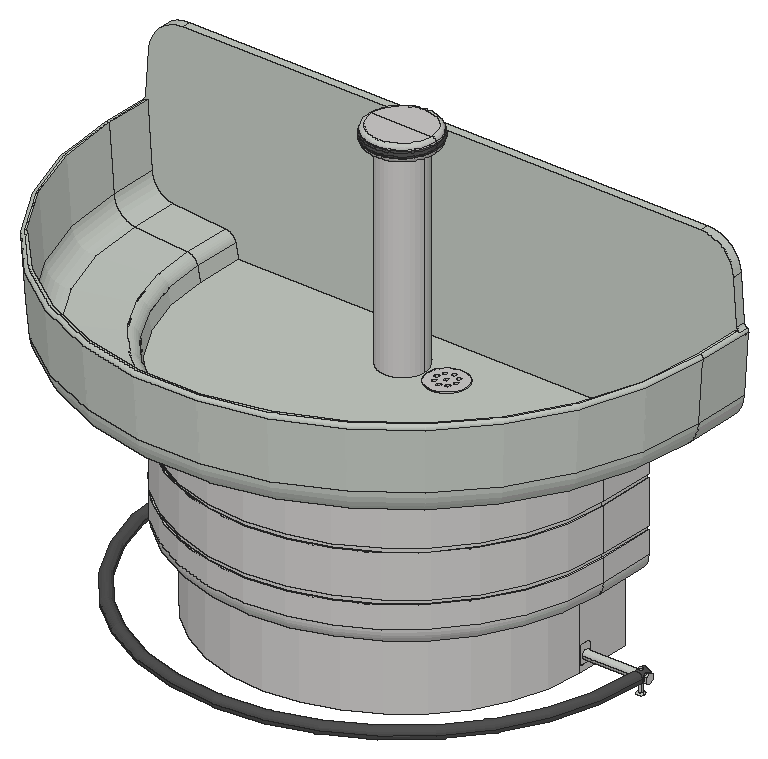
Revit family "Washfountain_Lavatory-Bradley_Corp-WF2504-Type_O_Drain", category Plumbing Fixtures, Revit 2012
Parameters (values of type "Standard")
  Width = 54.000"
  Warranty Information = "Terreon® material warranted for ten years. All other components warranted for one year. This warranty does not cover installation or any other labor charges and does not apply to any units, which have been damaged by accident, abuse, improper installation, improper maintenance, or altered in any way."
  WFU = 0
  Voltage = 110 V
  Version = "2.0"
  URL = "http://www.bradleycorp.com/"
  Towel Dispenser Holder [instance] = if(and(Soap Dispenser, Sensor Module), 4.750", if(and(No Soap Dispenser, Sensor Module), 13.250", if(and(Soap Dispenser, No Sensor Module), 4.750", 13.250")))  # 13.250"
  Towel Dispenser Height [instance] = if(and(Soap Dispenser, Sensor Module, Model ID = 2), 55.500", if(and(No Soap Dispenser, Sensor Module, Model ID = 2), 55.500", if(and(Soap Dispenser, No Sensor Module, Model ID = 2), 52.000", if(and(No Soap Dispenser, No Sensor Module, Model ID = 2), 52.000", if(and(Soap Dispenser, Sensor Module, Model ID = 1), 51.500", if(and(No Soap Dispenser, Sensor Module, Model ID = 1), 51.500", if(and(Soap Dispenser, No Sensor Module, Model ID = 1), 48.000", 48.000")))))))  # 52.000"
  TouchTime® Control [instance] = no
  Technical Data = "n/a"
  Standard Height = Model ID = 2  # yes
  Spray Head Height = 38.750"
  Specifications URL = "http://www.bradleycorp.com/3partspec"
  Soap Dispenser Holder [instance] = 2.500"  # constant formula
  Soap Dispenser Height [instance] = if(and(No Sensor Module, Model ID = 2), 47.250", if(and(Sensor Module, Model ID = 2), 50.750", if(and(No Sensor Module, Model ID = 1), 43.250", 46.750")))  # 47.250"
  Sensor Module Height = 42.250"
  Sensor Module [instance] = or(not(Foot Control Valve), TouchTime® Control, Air Valve Hand Control, Adaptive Infrared Activation Control)  # no
  Rim Height = 29.500"
  Supply Height [instance] = if(and(Sensor Module, Soap Dispenser, Towel Dispenser, Model ID = 2), 71.813", if(and(Sensor Module, Soap Dispenser, No Towel Dispenser, Model ID = 2), 50.750", if(and(Sensor Module, No Soap Dispenser, No Towel Dispenser, Model ID = 2), 42.250", if(and(Sensor Module, No Soap Dispenser, Towel Dispenser, Model ID = 2), 71.813", if(and(No Sensor Module, No Soap Dispenser, No Towel Dispenser, Model ID = 2), 38.750", if(and(No Sensor Module, No Soap Dispenser, Towel Dispenser, Model ID = 2), 68.313", if(and(No Sensor Module, Soap Dispenser, Towel Dispenser, Model ID = 2), 68.313", if(and(No Sensor Module, Soap Dispenser, No Towel Dispenser, Model ID = 2), 47.250", if(and(Sensor Module, Soap Dispenser, Towel Dispenser, Model ID = 1), 67.813", if(and(Sensor Module, Soap Dispenser, No Towel Dispenser, Model ID = 1), 46.750", if(and(Sensor Module, No Soap Dispenser, No Towel Dispenser, Model ID = 1), 38.250", if(and(Sensor Module, No Soap Dispenser, Towel Dispenser, Model ID = 1), 67.813", if(and(No Sensor Module, No Soap Dispenser, No Towel Dispenser, Model ID = 1), 34.750", if(and(No Sensor Module, No Soap Dispenser, Towel Dispenser, Model ID = 1), 64.313", if(and(No Sensor Module, Soap Dispenser, Towel Dispenser, Model ID = 1), 64.313", 43.250")))))))))))))))  # 38.750"
  Product Tech Data URL - Spanish = ""
  Product Tech Data URL - French = ""
  Product Tech Data URL - English = "http://bradleycorp.com/download/1840/2013.pdf"
  Pedestal Material = Stainless Steel - Bradley Corp - Satin
  Pedestal Height = 19.000"
  Operating Water Pressure Range = "20 - 80 PSI"
  OmniClass Table 23 Title = "Sinks/Lavatories"
  OmniClass Table 23 Number = "23-31 13 00"
  OmniClass Table 21 Title = "Plumbing Fixtures"
  OmniClass Table 21 Number = "21-04 20 10 60"
  No Towel Dispenser [instance] = not(Towel Dispenser)  # yes
  No Soap Dispenser [instance] = not(Soap Dispenser)  # yes
  No Sensor Module [instance] = not(Sensor Module)  # yes
  Modeling Code = ""
  Model ID = 2
  Model = "WF2504"
  Material Note = "Other Terreon® colors available - See www.bradleycorp.com "
  MasterFormat Title = "Commercial Lavatories and Sinks"
  MasterFormat Number = "22 42 16"
  Manufacturer = "Bradley Corp"
  Juvenile Height = Model ID = 1  # no
  Industry Standards = "ANSI Z124.3, Z124.6 and ANSI/ICPA SS-1-2001"
  Hot Lavatory Inlet Primary Radius = Hot Lavatory Inlet Primary / 2  # 1/4"
  Hot Lavatory Inlet Primary = 1/2"
  HWFU = 0
  Frequency = 50 Hz
  Foot Control Valve [instance] = not(or(TouchTime® Control, Air Valve Hand Control, Adaptive Infrared Activation Control))  # yes
  Flow Type = 3.0 GPM
  Fire Rating = "n/a"
  Drain Secondary = 2"
  Drain Secondary Radius = Drain Secondary / 2  # 1"
  Drain Primary Radius = Drain Primary / 2  # 1"
  Drain Primary = 2"
  Description = "Washfountain, 54\" Semi Circular with 9\" Deep Bowl"
  Copyright = "This Model Data is Property of Bradley Corporation"
  Cold Lavatory Inlet Primary Radius = Cold Lavatory Inlet Primary / 2  # 1/4"
  Cold Lavatory Inlet Primary = 1/2"
  CWFU = 0
  Buy American Act = "No"
  Button Visibility [instance] = or(TouchTime® Control, Air Valve Hand Control)  # no
  Bowl Material [instance] = Stone - Bradley Corp - Empire Gray
  Assembly Code = "D2010300"
  Air Valve Hand Control [instance] = no
  Adaptive Infrared Activation Control [instance] = no
  ADA Compliant = "Yes"
  Soap Dispenser [instance] = no
  Towel Dispenser [instance] = no
Reference planes (in)
  plane 1 "Center (Front/Back)": y = 0
  plane 2: z = 0
  plane 3 "Center (Left/Right)": x = 0
  plane 4 "Left": x = -27
  plane 5 "Right": x = 27
  plane 6 "Towel Dispenser": z = 52
  plane 7 "Soap Dispenser": z = 47.25
  plane 8 "Sensor Module": z = 42.25
  plane 9 "Spray Head": z = 38.75
  plane 10 "Rim Height": z = 29.5
  plane 11 "Pedestal Height": z = 19
  plane 12: z = 41.25
  plane 13: y = -32.2274
Forms (in)
  Sweep 1, solid, material "Stone - Bradley Corp - Empire Gray" <- "Bowl Material"
    path in 3D
      loop
        line (26.97649, 0, 29.5) -> (26.97649, -5.09016, 29.5)
        arc (26.97649, -5.09016, 29.5) -> (0, -32.06665, 29.5) -> (-26.97649, -5.09016, 29.5) r 26.97649
        line (-26.97649, -5.09016, 29.5) -> (-26.97649, 0, 29.5)
    profile origin (-26.97649, -2.54508, 29.5) x (-1, 0, 0) y (0, 0, 1)
      loop
        line (-0.36849, -5.60574) -> (0.00015, -0.33398)
        arc (0.00015, -0.33398) -> (-0.08011, -0.10234) -> (-0.30288, 0) r 0.31231
        line (-0.30288, 0) -> (-0.47772, 0) -> (-0.86727, -5.57086)
        arc (-0.86727, -5.57086) -> (-1.46619, -6.9067) -> (-2.78695, -7.53818) r 2.125
        line (-2.78695, -7.53818) -> (-7.52625, -7.93634)
        arc (-7.52625, -7.93634) -> (-8.11685, -8.19439) -> (-8.42734, -8.75918) r 1
        line (-8.42734, -8.75918) -> (-8.64604, -9.99947) -> (-24.97649, -9.99947) -> (-24.97649, -10.5) -> (-8.64604, -10.5)
        arc (-8.64604, -10.5) -> (-8.32099, -10.37992) -> (-8.15206, -10.07737) r 0.5
        line (-8.15206, -10.07737) -> (-7.93494, -8.846)
        arc (-7.93494, -8.846) -> (-7.77969, -8.56361) -> (-7.48439, -8.43458) r 0.5
        line (-7.48439, -8.43458) -> (-2.74261, -8.03622)
        arc (-2.74261, -8.03622) -> (-1.1093, -7.25688) -> (-0.36849, -5.60574) r 2.625
  Sweep 2, solid, material "Stone - Bradley Corp - Empire Gray" <- "Bowl Material", detail levels coarse
    path in 3D
      loop
        line (26.97649, 0, 29.5) -> (26.97649, -5.09016, 29.5)
        arc (26.97649, -5.09016, 29.5) -> (0, -32.06665, 29.5) -> (-26.97649, -5.09016, 29.5) r 26.97649
        line (-26.97649, -5.09016, 29.5) -> (-26.97649, 0, 29.5)
    profile origin (-26.97649, -2.54508, 29.5) x (-1, 0, 0) y (0, 0, 1)
      loop
        line (-0.52542, -7.84995) -> (0.0235, 0) -> (-0.47772, 0) -> (-0.99431, -7.38758) -> (-8.29362, -8.00081) -> (-8.64604, -9.99947) -> (-24.97641, -9.99947) -> (-24.97641, -10.5) -> (-8.22658, -10.5) -> (-7.86808, -8.46682) -> (-0.52542, -7.84995)
  Sweep 3, solid, material "Stainless Steel - Bradley Corp - Satin" <- "Pedestal Material", visible <- "Standard Height", detail levels medium+fine
    path in 3D
      loop
        line (-18.00049, 0, 19) -> (-18.00049, -5.09016, 19)
        arc (-18.00049, -5.09016, 19) -> (0, -23.09065, 19) -> (18.00049, -5.09016, 19) r 18.00049
        line (18.00049, -5.09016, 19) -> (18.00049, 0, 19)
    profile origin (-18.00049, -2.54508, 19) x (1, 0, 0) y (0, 0, 1)
      loop
        line (0.00049, -4.376) -> (0.12942, -4.376) -> (0.12942, -4.751) -> (0.00454, -4.751) -> (0.00454, -8.56354) -> (0.12942, -8.56354) -> (0.12942, -8.9385) -> (0.0005, -8.9385) -> (0.0005, -10.96713)
        arc (0.0005, -10.96713) -> (0.44863, -12.04901) -> (1.53051, -12.49714) r 1.53001
        line (1.53051, -12.49714) -> (2.14799, -12.49714) -> (2.14799, -19) -> (2.64799, -19) -> (2.64799, -11.99714) -> (1.53051, -11.99714)
        arc (1.53051, -11.99714) -> (0.80218, -11.69546) -> (0.5005, -10.96713) r 1.03001
        line (0.5005, -10.96713) -> (0.5005, -8.9385) -> (0.62942, -8.9385) -> (0.62942, -8.56354) -> (0.50454, -8.56354) -> (0.50454, -4.751) -> (0.62942, -4.751) -> (0.62942, -4.376) -> (0.50049, -4.376) -> (0.50049, 0) -> (0.00049, 0) -> (0.00049, -4.376)
  Sweep 4, solid, material "Stainless Steel - Bradley Corp - Satin" <- "Pedestal Material", visible <- "Standard Height", detail levels coarse
    path in 3D
      loop
        line (-18.00049, 0, 19) -> (-18.00049, -5.09016, 19)
        arc (-18.00049, -5.09016, 19) -> (0, -23.09065, 19) -> (18.00049, -5.09016, 19) r 18.00049
        line (18.00049, -5.09016, 19) -> (18.00049, 0, 19)
    profile origin (-18.00049, -2.54508, 19) x (1, 0, 0) y (0, 0, 1)
      loop
        line (0, 0) -> (0, -12.49714) -> (2.14799, -12.49714) -> (2.14799, -19) -> (2.64799, -19) -> (2.64799, -11.99714) -> (0.50454, -11.99714) -> (0.50454, 0) -> (0, 0)
  Sweep 5, solid, material "Stainless Steel - Bradley Corp - Satin" <- "Pedestal Material", visible <- "Juvenile Height", detail levels medium+fine
    path in 3D
      loop
        line (-18.00049, 0, 19) -> (-18.00049, -5.09016, 19)
        arc (-18.00049, -5.09016, 19) -> (0, -23.09065, 19) -> (18.00049, -5.09016, 19) r 18.00049
        line (18.00049, -5.09016, 19) -> (18.00049, 0, 19)
    profile origin (-18.00049, -2.54508, 19) x (1, 0, 0) y (0, 0, 1)
      loop
        line (0, -3.44859) -> (0.1016, -3.44859) -> (0.1016, -3.74411) -> (0.0032, -3.74411) -> (0.0032, -6.74866) -> (0.1016, -6.74866) -> (0.1016, -7.04415) -> (0.00001, -7.04415) -> (0.00001, -8.20062)
        arc (0.00001, -8.20062) -> (0.48269, -9.36592) -> (1.64799, -9.8486) r 1.64798
        line (1.64799, -9.8486) -> (2.14799, -9.8486) -> (2.14799, -15) -> (2.54202, -15) -> (2.54202, -9.45457) -> (1.64799, -9.45457)
        arc (1.64799, -9.45457) -> (0.76131, -9.08729) -> (0.39404, -8.20062) r 1.25395
        line (0.39404, -8.20062) -> (0.39404, -7.04415) -> (0.49564, -7.04415) -> (0.49564, -6.74866) -> (0.39723, -6.74866) -> (0.39723, -3.74411) -> (0.49564, -3.74411) -> (0.49564, -3.44859) -> (0.39403, -3.44859) -> (0.39403, 0) -> (0, 0) -> (0, -3.44859)
  Sweep 6, solid, material "Stainless Steel - Bradley Corp - Satin" <- "Pedestal Material", visible <- "Juvenile Height", detail levels coarse
    path in 3D
      loop
        line (-18.00049, 0, 19) -> (-18.00049, -5.09016, 19)
        arc (-18.00049, -5.09016, 19) -> (0, -23.09065, 19) -> (18.00049, -5.09016, 19) r 18.00049
        line (18.00049, -5.09016, 19) -> (18.00049, 0, 19)
    profile origin (-18.00049, -2.54508, 19) x (1, 0, 0) y (0, 0, 1)
      loop
        line (0, -9.8486) -> (2.14799, -9.8486) -> (2.14799, -15) -> (2.64799, -15) -> (2.64799, -9.3486) -> (0.5, -9.3486) -> (0.5, 0) -> (0, 0) -> (0, -9.8486)
  Revolve 7, solid, material "Stainless Steel - Bradley Corp - Polished", visible <- "Soap Dispenser", detail levels fine
    sketch origin (-3, -5.25, 47.25) x (1, 0, 0) y (0, 0, 1)
      loop
        line (-2.88598, -5.36403) -> (-2.85471, -5.36403) -> (-2.85471, -6) -> (3, -6) -> (3, 0) -> (-0.11538, 0)
        arc (-0.11538, 0) -> (-1.691, -0.10007) -> (-3.24592, -0.37358) r 14.27083
        line (-3.24592, -0.37358) -> (-3.24592, -0.99953) -> (-3.01, -0.99953) -> (-3.01, -1.61403) -> (-2.97, -1.61403) -> (-2.97, -2.86403) -> (-2.93, -2.86403) -> (-2.93, -4.11402) -> (-2.88598, -4.11402) -> (-2.88598, -5.36403)
      axis (3, 0) -> (3, -6)
    angle from 360 to 180
  Revolve 8, solid, material "Stainless Steel - Bradley Corp - Polished", visible <- "Soap Dispenser", detail levels coarse+medium
    sketch origin (-3, -5.25, 47.25) x (1, 0, 0) y (0, 0, 1)
      loop
        line (-3.24592, -0.99953) -> (-2.85471, -6) -> (3, -6) -> (3, -0.99953) -> (-3.24592, -0.99953)
      axis (3, -0.99953) -> (3, -6)
    angle from 360 to 180
  Revolve 9, solid, material "Stainless Steel - Bradley Corp - Polished", detail levels fine
    sketch origin (-3, -5.25, 38.75) x (1, 0, 0) y (0, 0, 1)
      loop
        arc (0.31, 0) -> (0.06605, -0.10105) -> (-0.035, -0.345) r 0.345
        line (-0.035, -0.345) -> (-0.035, -0.44473)
        arc (-0.035, -0.44473) -> (-0.09885, -0.47345) -> (-0.125, -0.5384) r 0.09375
        line (-0.125, -0.5384) -> (-0.125, -0.8509)
        arc (-0.125, -0.8509) -> (-0.09885, -0.91586) -> (-0.035, -0.94458) r 0.09375
        line (-0.035, -0.94458) -> (-0.035, -1.04463)
        arc (-0.035, -1.04463) -> (0.06605, -1.28858) -> (0.31, -1.38963) r 0.345
        line (0.31, -1.38963) -> (1, -1.38963) -> (1, -19.75) -> (3, -19.75) -> (3, 0) -> (0.31, 0)
      axis (3, 0) -> (3, -19.75)
    angle from 0 to 360
  Revolve 10, solid, material "Stainless Steel - Bradley Corp - Polished", detail levels coarse+medium
    sketch origin (-3, -5.25, 38.75) x (1, 0, 0) y (0, 0, 1)
      loop
        line (-0.125, -0.94458) -> (0.31, -1.38963) -> (1, -1.38963) -> (1, -19.75) -> (3, -19.75) -> (3, 0.00012) -> (0.31985, 0.00012) -> (-0.125, -0.44473) -> (-0.125, -0.94458)
      axis (3, 0.00012) -> (3, -19.75)
    angle from 0 to 360
  Extrusion 11, solid, material "Stone - Bradley Corp - Empire Gray" <- "Bowl Material", detail levels medium+fine
    sketch origin (-3, 0, 29.5) x (1, 0, 0) y (0, 0, 1)
      loop
        arc (-23.60112, 0.33907) -> (-23.6674, 0.12286) -> (-23.82201, -0.04217) r 0.50097
        arc (-23.82201, -0.04217) -> (-23.75046, -0.01178) -> (-23.67361, 0) r 0.31231
        line (-23.67361, 0) -> (-23.49877, 0) -> (-23.10922, -5.57086)
        arc (-23.10922, -5.57086) -> (-22.49462, -6.9226) -> (-21.14503, -7.54192) r 2.125
        line (-21.14503, -7.54192) -> (-16.45024, -7.93634)
        arc (-16.45024, -7.93634) -> (-15.85964, -8.19439) -> (-15.54915, -8.75918) r 1
        line (-15.54915, -8.75918) -> (-15.33045, -9.99947) -> (21.33045, -9.99947) -> (21.54915, -8.75918)
        arc (21.54915, -8.75918) -> (21.85964, -8.19439) -> (22.45024, -7.93634) r 1
        line (22.45024, -7.93634) -> (27.14503, -7.54192)
        arc (27.14503, -7.54192) -> (28.49462, -6.9226) -> (29.10922, -5.57086) r 2.125
        line (29.10922, -5.57086) -> (29.49877, 0) -> (29.67361, 0)
        arc (29.67361, 0) -> (29.75046, -0.01178) -> (29.82201, -0.04217) r 0.31231
        arc (29.82201, -0.04217) -> (29.6674, 0.12286) -> (29.60112, 0.33907) r 0.50097
        line (29.60112, 0.33907) -> (29.33045, 4.20977)
        arc (29.33045, 4.20977) -> (28.38375, 6.19456) -> (26.33776, 7.0005) r 3
        line (26.33776, 7.0005) -> (-20.33776, 7.0005)
        arc (-20.33776, 7.0005) -> (-22.38375, 6.19456) -> (-23.33045, 4.20977) r 3
        line (-23.33045, 4.20977) -> (-23.60112, 0.33907)
    from 0 to 0.8003
  Extrusion 12, solid, material "Stone - Bradley Corp - Empire Gray" <- "Bowl Material", detail levels coarse
    sketch origin (-3, 0, 29.5) x (1, 0, 0) y (0, 0, 1)
      loop
        line (-23.49877, 0) -> (-22.98218, -7.38758) -> (-15.68287, -8.00081) -> (-15.33045, -9.99947) -> (21.33045, -9.99947) -> (21.68287, -8.00081) -> (28.98218, -7.38758) -> (29.49877, 0) -> (29.99999, 0) -> (29.99999, 3.33827)
        arc (29.99999, 3.33827) -> (28.92735, 5.92786) -> (26.33776, 7.0005) r 3.66224
        line (26.33776, 7.0005) -> (-20.33776, 7.0005)
        arc (-20.33776, 7.0005) -> (-22.92735, 5.92786) -> (-23.99999, 3.33827) r 3.66224
        line (-23.99999, 3.33827) -> (-23.99999, 0) -> (-23.49877, 0)
    from 0 to 0.8003
  Extrusion 13, solid, material "Stainless Steel - Bradley Corp - Polished", visible <- "Soap Dispenser", detail levels coarse+medium
    sketch origin (-3, -5.25, 47.25) x (1, 0, 0) y (0, 0, 1)
      loop
        line (-2.85471, -6) -> (8.85471, -6) -> (9.24592, -0.99953) -> (-3.24592, -0.99953) -> (-2.85471, -6)
    from 0 to -2.25
  Extrusion 14, solid, material "Stainless Steel - Bradley Corp - Polished", visible <- "Soap Dispenser", detail levels fine
    sketch origin (-3, -5.25, 47.25) x (1, 0, 0) y (0, 0, 1)
      loop
        line (-2.88598, -5.36403) -> (-2.85471, -5.36403) -> (-2.85471, -6) -> (8.85471, -6) -> (8.85471, -5.36403) -> (8.88598, -5.36403) -> (8.88598, -4.11402) -> (8.93, -4.11402) -> (8.93, -2.86403) -> (8.97, -2.86403) -> (8.97, -1.61403) -> (9.01, -1.61403) -> (9.01, -0.99953) -> (9.24592, -0.99953) -> (9.24592, -0.37358)
        arc (9.24592, -0.37358) -> (7.691, -0.10007) -> (6.11538, 0) r 14.27083
        line (6.11538, 0) -> (-0.11538, 0)
        arc (-0.11538, 0) -> (-1.691, -0.10007) -> (-3.24592, -0.37358) r 14.27083
        line (-3.24592, -0.37358) -> (-3.24592, -0.99953) -> (-3.01, -0.99953) -> (-3.01, -1.61403) -> (-2.97, -1.61403) -> (-2.97, -2.86403) -> (-2.93, -2.86403) -> (-2.93, -4.11402) -> (-2.88598, -4.11402) -> (-2.88598, -5.36403)
    from 0 to -2.25
  Revolve 15, solid, material "Stainless Steel - Bradley Corp - Polished", visible <- "Sensor Module", detail levels fine
    sketch origin (-3, -5.25, 42.25) x (1, 0, 0) y (0, 0, 1)
      loop
        line (-1.49987, -0.56541) -> (-1.49987, -1.98683)
        arc (-1.49987, -1.98683) -> (-1.48063, -2.08301) -> (-1.42587, -2.16439) r 0.25
        line (-1.42587, -2.16439) -> (-0.82309, -2.76716)
        arc (-0.82309, -2.76716) -> (-0.74199, -2.82135) -> (-0.64632, -2.84038) r 0.25
        line (-0.64632, -2.84038) -> (1, -2.84038) -> (1, -3.5) -> (3, -3.5) -> (3, 0) -> (0.89718, 0)
        arc (0.89718, 0) -> (-0.28099, -0.0858) -> (-1.45612, -0.2063) r 40.06
        arc (-1.45612, -0.2063) -> (-1.54124, -0.251) -> (-1.57537, -0.34072) r 0.135
        line (-1.57537, -0.34072) -> (-1.57537, -0.56541) -> (-1.49987, -0.56541)
      axis (3, 0) -> (3, -3.5)
    angle from 0 to 360
  Revolve 16, solid, material "Stainless Steel - Bradley Corp - Polished", visible <- "Sensor Module", detail levels coarse+medium
    sketch origin (-3, -5.25, 42.25) x (1, 0, 0) y (0, 0, 1)
      loop
        line (-1.57537, -2.01488) -> (-0.74987, -2.84038) -> (1, -2.84038) -> (1, -3.5) -> (3, -3.5) -> (3, 0) -> (-1.57537, 0) -> (-1.57537, -2.01488)
      axis (3, 0) -> (3, -3.5)
    angle from 0 to 360
  Extrusion 17, solid, material "Stainless Steel - Bradley Corp - Polished", visible <- "Towel Dispenser"
    sketch origin (-0.06458, -11.63773, 52) x (0, 0, 1) y (-0.871825, -0.489818, 0)
      loop
        line (0, 0) -> (15.313, 0) -> (14.62567, 4) -> (1.37502, 4) -> (0, 1.75) -> (0, 0)
    from 0 to -11
  Extrusion 18, solid, material "Stainless Steel - Bradley Corp - Polished", visible <- "Towel Dispenser"
    sketch origin (0.06458, -11.63773, 52) x (0, 0, 1) y (-0.871825, 0.489818, 0)
      loop
        line (0, 0) -> (0, -1.75) -> (1.37502, -4) -> (14.62567, -4) -> (15.313, 0) -> (0, 0)
    from 0 to -11
  Extrusion 19, solid, material "Stainless Steel - Bradley Corp - Polished", visible <- "Towel Dispenser"
    sketch origin (0, 0, 52) x (-1, 0, 0) y (0, -1, 0)
      loop
        circle (0, 5.25) r 2
    from -13.25 to 16.313
  Extrusion 20, solid, material "Stainless Steel - Bradley Corp - Polished", visible <- "Soap Dispenser"
    sketch origin (0, 0, 47.25) x (-1, 0, 0) y (0, -1, 0)
      loop
        circle (0, 5.25) r 2
    from -6 to -8.5
  Extrusion 21, solid, material "Stainless Steel - Bradley Corp - Polished", visible <- "Towel Dispenser"
    sketch origin (0, 0, 52) x (-1, 0, 0) y (0, -1, 0)
      loop
        line (5.45258, 2.04766) -> (0.06458, 11.63773) -> (-0.06458, 11.63773) -> (-5.45258, 2.04766) -> (5.45258, 2.04766)
      loop
        circle (0, 5.25) r 2
    from 1.0786 to 1.5786
  Extrusion 22, solid, material "Stainless Steel - Bradley Corp - Polished", visible <- "Towel Dispenser"
    sketch origin (0, 0, 52) x (-1, 0, 0) y (0, -1, 0)
      loop
        line (-5.45258, 2.04766) -> (5.45258, 2.04766) -> (0.06458, 11.63773) -> (-0.06458, 11.63773) -> (-5.45258, 2.04766)
      loop
        circle (0, 5.25) r 2
    from 14.62567 to 14.12567
  Extrusion 23, solid, material "Stone - Bradley Corp - Empire Gray" <- "Bowl Material", detail levels coarse
    sketch origin (0, 0, 29.5) x (-1, 0, 0) y (0, -1, 0)
      loop
        arc (2.00008, 5.09016) -> (0, 3.09007) -> (-2.00008, 5.09016) r 2.00008
        line (-2.00008, 5.09016) -> (-2.00008, 0) -> (2.00008, 0) -> (2.00008, 5.09016)
    from -10.499 to -9.99947
  Extrusion 24, solid, material "Stone - Bradley Corp - Empire Gray" <- "Bowl Material"
    sketch origin (0, 0, 29.5) x (-1, 0, 0) y (0, -1, 0)
      loop
        arc (2, 5.09016) -> (0, 3.09016) -> (-2, 5.09016) r 2
        line (-2, 5.09016) -> (-2, 0) -> (2, 0) -> (2, 5.09016)
    from -10.499 to -9.99947
  Sweep 25, solid, material "Plastic - Bradley Corp - Black", visible <- "Foot Control Valve"
    path in 3D
      loop
        line (21.00049, -4.125, 0) -> (21.00049, -5.09016, 0)
        arc (21.00049, -5.09016, 0) -> (0, -26.09065, 0) -> (-21.00049, -5.09016, 0) r 21.00049
        line (-21.00049, -5.09016, 0) -> (-21.00049, -4.125, 0)
    profile origin (-21.00049, -4.60758, 0) x (-1, 0, 0) y (0, 0, 1)
      loop
        circle (0, 1.425) r 0.5
  Extrusion 26, solid, material "Stainless Steel - Bradley Corp - Satin", visible <- "Foot Control Valve"
    sketch origin (0, 0, 0) x (0, 1, 0) y (0, 0, 1)
      loop
        circle (-4.625, 1.425) r 0.371
    from -21.53456 to -15.8525
  Extrusion 27, solid, material "Stainless Steel - Bradley Corp - Satin", visible <- "Foot Control Valve"
    sketch origin (0, 0, 0) x (0, 1, 0) y (0, 0, -1)
      loop
        circle (-4.625, -1.425) r 0.371
    from -21.53456 to -15.8525
  Extrusion 28, solid, material "Stainless Steel - Bradley Corp - Polished", visible <- "Foot Control Valve", detail levels fine
    sketch origin (0, 0, 0) x (1, 0, 0) y (0, 1, 0)
      loop
        circle (-21.00049, -4.625) r 0.117
    from 0.12175 to 2.02302
  Extrusion 29, solid, material "Stainless Steel - Bradley Corp - Polished", visible <- "Foot Control Valve", detail levels fine
    sketch origin (0, 0, 0) x (-1, 0, 0) y (0, -1, 0)
      loop
        circle (-21.00049, 4.625) r 0.117
    from 0.12175 to 2.02302
  Blend 30, solid, material "Stainless Steel - Bradley Corp - Polished", visible <- "Foot Control Valve", detail levels fine
    base sketch origin (0, 0, 0) x (1, 0, 0) y (0, 1, 0)
      loop
        circle (-21.00049, -4.625) r 0.117
    top sketch origin (0, 0, 0) x (1, 0, 0) y (0, 1, 0)
      loop
        circle (-21.00049, -4.625) r 0.325
    from 0.12175 to 0
  Blend 31, solid, material "Stainless Steel - Bradley Corp - Polished", visible <- "Foot Control Valve", detail levels fine
    base sketch origin (0, 0, 0) x (-1, 0, 0) y (0, -1, 0)
      loop
        circle (-21.00049, 4.625) r 0.117
    top sketch origin (0, 0, 0) x (-1, 0, 0) y (0, -1, 0)
      loop
        circle (-21.00049, 4.625) r 0.325
    from 0.12175 to 0
  Extrusion 32, solid, material "Stainless Steel - Bradley Corp - Polished", visible <- "Foot Control Valve", detail levels fine
    sketch origin (0, 0, 0) x (0, 1, 0) y (0, 0, 1)
      loop
        line (-4.25298, 1.64221) -> (-4.62448, 1.85669) -> (-4.99598, 1.64221) -> (-4.99598, 1.21324) -> (-4.62448, 0.99875) -> (-4.25298, 1.21324) -> (-4.25298, 1.64221)
    from -21.53456 to -21.80027
  Extrusion 33, solid, material "Stainless Steel - Bradley Corp - Polished", visible <- "Foot Control Valve", detail levels fine
    sketch origin (0, 0, 0) x (0, 1, 0) y (0, 0, -1)
      loop
        line (-4.25298, -1.64221) -> (-4.25298, -1.21324) -> (-4.62448, -0.99875) -> (-4.99598, -1.21324) -> (-4.99598, -1.64221) -> (-4.62448, -1.85669) -> (-4.25298, -1.64221)
    from -21.53456 to -21.80027
  Extrusion 34, solid, material "Stainless Steel - Bradley Corp - Satin", visible <- "Foot Control Valve"
    sketch origin (0, 0, 0) x (0, 1, 0) y (0, 0, 1)
      loop
        line (-4.37723, 2.29222) -> (-4.87723, 2.29222)
        arc (-4.87723, 2.29222) -> (-5.05401, 2.219) -> (-5.12723, 2.04222) r 0.25
        line (-5.12723, 2.04222) -> (-5.12723, 0.91722)
        arc (-5.12723, 0.91722) -> (-5.05401, 0.74044) -> (-4.87723, 0.66722) r 0.25
        line (-4.87723, 0.66722) -> (-4.37723, 0.66722)
        arc (-4.37723, 0.66722) -> (-4.20046, 0.74044) -> (-4.12723, 0.91722) r 0.25
        line (-4.12723, 0.91722) -> (-4.12723, 2.04222)
        arc (-4.12723, 2.04222) -> (-4.20046, 2.219) -> (-4.37723, 2.29222) r 0.25
    from -15.978 to -15.8525
  Extrusion 35, solid, material "Stainless Steel - Bradley Corp - Satin", visible <- "Foot Control Valve"
    sketch origin (0, 0, 0) x (0, 1, 0) y (0, 0, -1)
      loop
        arc (-4.37723, -2.29222) -> (-4.20046, -2.219) -> (-4.12723, -2.04222) r 0.25
        line (-4.12723, -2.04222) -> (-4.12723, -0.91722)
        arc (-4.12723, -0.91722) -> (-4.20046, -0.74044) -> (-4.37723, -0.66722) r 0.25
        line (-4.37723, -0.66722) -> (-4.87723, -0.66722)
        arc (-4.87723, -0.66722) -> (-5.05401, -0.74044) -> (-5.12723, -0.91722) r 0.25
        line (-5.12723, -0.91722) -> (-5.12723, -2.04222)
        arc (-5.12723, -2.04222) -> (-5.05401, -2.219) -> (-4.87723, -2.29222) r 0.25
        line (-4.87723, -2.29222) -> (-4.37723, -2.29222)
    from -15.978 to -15.8525
  Extrusion 36, void
    sketch origin (0, 0, 19) x (-1, 0, 0) y (0, -1, 0)
      loop
        circle (-4, 5.25) r 1.75
    from 0 to 10.5
  Extrusion 37, solid, material "Stainless Steel - Bradley Corp - Polished", detail levels medium+fine
    sketch origin (0, 0, 19) x (-1, 0, 0) y (0, -1, 0)
      loop
        circle (-4, 5.25) r 1.75
      loop
        circle (-4, 5.25) r 0.1842
      loop
        circle (-4, 4.37229) r 0.1842
      loop
        circle (-3.12229, 5.25) r 0.1842
      loop
        circle (-4, 6.12771) r 0.1842
      loop
        circle (-4.87771, 5.25) r 0.1842
      loop
        circle (-4.62063, 4.62937) r 0.1842
      loop
        circle (-3.37937, 4.62937) r 0.1842
      loop
        circle (-3.37937, 5.87063) r 0.1842
      loop
        circle (-4.62063, 5.87063) r 0.1842
    from 0 to 0.55176
  Extrusion 38, solid, material "Default", not visible
    sketch origin (0, 0, 0) x (1, 0, 0) y (0, 1, 0)
      loop
        circle (4, -5.25) r 1
    from 0 to 3
  Extrusion 39, solid, material "Default", not visible
    sketch origin (0, 0, 29.5) x (-1, 0, 0) y (0, -1, 0)
      loop
        circle (0.875, 4) r 0.25
      loop
        circle (-0.875, 4) r 0.25
    from -29.5 to 9.25
  Extrusion 40, solid, material "Default", not visible
    sketch origin (0, 0, 0) x (1, 0, 0) y (0, 0, 1)
      loop
        line (-4.5, 10) -> (-3.5, 10) -> (-3.5, 12) -> (-4.5, 12) -> (-4.5, 10)
    from 0 to 2.5
  Revolve 41, solid, material "Plastic - Bradley Corp - Black", visible <- "Soap Dispenser", detail levels coarse+medium
    sketch origin (-3, -5.25, 47.25) x (1, 0, 0) y (0, 0, 1)
      loop
        line (-3.32412, 0) -> (-3.24592, -0.99953) -> (3, -0.99953) -> (3, 0) -> (-3.32412, 0)
      axis (3, 0) -> (3, -0.99953)
    angle from 180 to 360
  Extrusion 42, solid, material "Plastic - Bradley Corp - Black", visible <- "Soap Dispenser", detail levels coarse+medium
    sketch origin (-3, -5.25, 47.25) x (1, 0, 0) y (0, 0, 1)
      loop
        line (-3.24592, -0.99953) -> (9.24592, -0.99953) -> (9.32412, 0) -> (-3.32412, 0) -> (-3.24592, -0.99953)
    from 0 to -2.25
  Extrusion 43, solid, material "Stainless Steel - Bradley Corp - Polished", visible <- "Button Visibility"
    sketch origin (-3, -5.25, 42.25) x (1, 0, 0) y (0, 0, 1)
      loop
        circle (3, -1.3649) r 0.5
    from 4.57537 to 4.97537
  Extrusion 44, solid, material "Stainless Steel - Bradley Corp - Polished", visible <- "Button Visibility", detail levels fine
    sketch origin (-3, -5.25, 42.25) x (1, 0, 0) y (0, 0, 1)
      loop
        circle (3, -1.3649) r 0.25
    from 4.4998 to 4.57537
  Extrusion 45, solid, material "Default", not visible, detail levels fine
    sketch origin (-3, -32.2274, 29.5) x (1, 0, 0) y (0, 0, 1)
      loop
        circle (7, -16.25) r 1
    from -32.2274 to -29.2274
Cuts and joins
  joined: Revolve 8, Extrusion 13
  joined: Revolve 7, Extrusion 14
  Extrusion 36 cuts Sweep 2
  joined: Sweep 2, Extrusion 23
  Extrusion 36 cuts Sweep 1
  joined: Sweep 1, Extrusion 24
  joined: Extrusion 26, Extrusion 27, Extrusion 34, Extrusion 35
  joined: Revolve 41, Extrusion 42
Lines and regions (in)
  Masking region 1, visible <- "Standard Height", detail levels coarse
    outline origin (-3, 0, 19) x (1, 0, 0) y (0, 0, 1)
      loop
        line (-15.00049, 0) -> (-15.00049, -12.49714) -> (-12.8525, -12.49714) -> (-12.8525, -19) -> (18.8525, -19) -> (18.8525, -12.49714) -> (21.00049, -12.49714) -> (21.00049, 0) -> (-15.00049, 0)
  Masking region 2, visible <- "Standard Height", detail levels medium+fine
    outline origin (-3, 0, 19) x (1, 0, 0) y (0, 0, 1)
      loop
        line (-15.00049, -4.376) -> (-14.87156, -4.376) -> (-14.87156, -4.751) -> (-14.99644, -4.751) -> (-14.99644, -8.56354) -> (-14.87156, -8.56354) -> (-14.87156, -8.9385) -> (-15.00048, -8.9385) -> (-15.00048, -10.96713)
        arc (-15.00048, -10.96713) -> (-14.55235, -12.04901) -> (-13.47047, -12.49714) r 1.53001
        line (-13.47047, -12.49714) -> (-12.85299, -12.49714) -> (-12.85299, -19) -> (18.85299, -19) -> (18.85299, -12.49714) -> (19.47047, -12.49714)
        arc (19.47047, -12.49714) -> (20.55235, -12.04901) -> (21.00048, -10.96713) r 1.53001
        line (21.00048, -10.96713) -> (21.00048, -8.9385) -> (20.87156, -8.9385) -> (20.87156, -8.56354) -> (20.99644, -8.56354) -> (20.99644, -4.751) -> (20.87156, -4.751) -> (20.87156, -4.376) -> (21.00049, -4.376) -> (21.00049, 0) -> (-15.00049, 0) -> (-15.00049, -4.376)
  Masking region 3, visible <- "Juvenile Height", detail levels coarse
    outline origin (-3, 0, 19) x (1, 0, 0) y (0, 0, 1)
      loop
        line (-15.00049, 0) -> (-15.00049, -9.8486) -> (-12.8525, -9.8486) -> (-12.8525, -15) -> (18.8525, -15) -> (18.8525, -9.8486) -> (21.00049, -9.8486) -> (21.00049, 0) -> (-15.00049, 0)
  Masking region 4, visible <- "Juvenile Height", detail levels medium+fine
    outline origin (-3, 0, 19) x (1, 0, 0) y (0, 0, 1)
      loop
        line (-15.00049, -3.44859) -> (-14.89889, -3.44859) -> (-14.89889, -3.74411) -> (-14.9973, -3.74411) -> (-14.9973, -6.74866) -> (-14.89889, -6.74866) -> (-14.89889, -7.04415) -> (-15.00048, -7.04415) -> (-15.00048, -8.20062)
        arc (-15.00048, -8.20062) -> (-14.5178, -9.36592) -> (-13.3525, -9.8486) r 1.64798
        line (-13.3525, -9.8486) -> (-12.8525, -9.8486) -> (-12.8525, -15) -> (18.8525, -15) -> (18.8525, -9.8486) -> (19.3525, -9.8486)
        arc (19.3525, -9.8486) -> (20.5178, -9.36592) -> (21.00048, -8.20062) r 1.64798
        line (21.00048, -8.20062) -> (21.00048, -7.04415) -> (20.89889, -7.04415) -> (20.89889, -6.74866) -> (20.9973, -6.74866) -> (20.9973, -3.74411) -> (20.89889, -3.74411) -> (20.89889, -3.44859) -> (21.00049, -3.44859) -> (21.00049, 0) -> (-15.00049, 0) -> (-15.00049, -3.44859)
  Masking region 5, detail levels coarse
    outline origin (-3, 0, 29.5) x (1, 0, 0) y (0, 0, 1)
      loop
        line (-23.45107, -7.84995) -> (-16.10841, -8.46682) -> (-15.74991, -10.5) -> (21.74991, -10.5) -> (22.10841, -8.46682) -> (29.45107, -7.84995) -> (29.99999, 0) -> (29.99999, 3.33827)
        arc (29.99999, 3.33827) -> (28.92735, 5.92786) -> (26.33776, 7.0005) r 3.66224
        line (26.33776, 7.0005) -> (-20.33776, 7.0005)
        arc (-20.33776, 7.0005) -> (-22.92735, 5.92786) -> (-23.99999, 3.33827) r 3.66224
        line (-23.99999, 3.33827) -> (-23.99999, 0) -> (-23.45107, -7.84995)
  Masking region 6, detail levels medium+fine
    outline origin (-3, 0, 29.5) x (1, 0, 0) y (0, 0, 1)
      loop
        arc (-23.608, -5.60574) -> (-22.86719, -7.25688) -> (-21.23388, -8.03622) r 2.625
        line (-21.23388, -8.03622) -> (-16.4921, -8.43458)
        arc (-16.4921, -8.43458) -> (-16.1968, -8.56361) -> (-16.04155, -8.846) r 0.5
        line (-16.04155, -8.846) -> (-15.82443, -10.07737)
        arc (-15.82443, -10.07737) -> (-15.6555, -10.37992) -> (-15.33045, -10.5) r 0.5
        line (-15.33045, -10.5) -> (21.33045, -10.5)
        arc (21.33045, -10.5) -> (21.6555, -10.37992) -> (21.82443, -10.07737) r 0.5
        line (21.82443, -10.07737) -> (22.04155, -8.846)
        arc (22.04155, -8.846) -> (22.1968, -8.56361) -> (22.4921, -8.43458) r 0.5
        line (22.4921, -8.43458) -> (27.23388, -8.03622)
        arc (27.23388, -8.03622) -> (28.86719, -7.25688) -> (29.608, -5.60574) r 2.625
        line (29.608, -5.60574) -> (29.97664, -0.33398)
        arc (29.97664, -0.33398) -> (29.94659, -0.17694) -> (29.84276, -0.05534) r 0.31231
        arc (29.84276, -0.05534) -> (29.67369, 0.1123) -> (29.60112, 0.33907) r 0.50097
        line (29.60112, 0.33907) -> (29.33045, 4.20977)
        arc (29.33045, 4.20977) -> (28.38375, 6.19456) -> (26.33776, 7.0005) r 3
        line (26.33776, 7.0005) -> (-20.33776, 7.0005)
        arc (-20.33776, 7.0005) -> (-22.38375, 6.19456) -> (-23.33045, 4.20977) r 3
        line (-23.33045, 4.20977) -> (-23.60112, 0.33907)
        arc (-23.60112, 0.33907) -> (-23.6674, 0.12286) -> (-23.82201, -0.04217) r 0.50097
        arc (-23.82201, -0.04217) -> (-23.94105, -0.16596) -> (-23.97664, -0.33398) r 0.31231
        line (-23.97664, -0.33398) -> (-23.608, -5.60574)
  Masking region 7, visible <- "Standard Height", detail levels coarse
    outline origin (0, 3, 19) x (0, -1, 0) y (0, 0, 1)
      loop
        line (3, -19) -> (23.94266, -19) -> (23.94266, -12.49714) -> (26.09065, -12.49714) -> (26.09065, 0) -> (3, 0) -> (3, -19)
  Masking region 8, visible <- "Standard Height", detail levels medium+fine
    outline origin (0, 3, 19) x (0, -1, 0) y (0, 0, 1)
      loop
        line (3, -19) -> (23.94266, -19) -> (23.94266, -12.49714) -> (24.53151, -12.49714)
        arc (24.53151, -12.49714) -> (25.63363, -12.04063) -> (26.09015, -10.9385) r 1.55864
        line (26.09015, -10.9385) -> (26.09015, -8.9385) -> (25.9605, -8.9385) -> (25.9605, -8.56354) -> (26.0861, -8.56354) -> (26.0861, -4.751) -> (25.9605, -4.751) -> (25.9605, -4.376) -> (26.09016, -4.376) -> (26.09016, 0) -> (3, 0) -> (3, -19)
  Masking region 9, visible <- "Juvenile Height", detail levels coarse
    outline origin (0, 3, 19) x (0, -1, 0) y (0, 0, 1)
      loop
        line (3, -15) -> (23.94266, -15) -> (23.94266, -9.8486) -> (26.09065, -9.8486) -> (26.09065, 0) -> (3, 0) -> (3, -15)
  Masking region 10, visible <- "Juvenile Height", detail levels medium+fine
    outline origin (0, 3, 19) x (0, -1, 0) y (0, 0, 1)
      loop
        line (26.09065, -3.44859) -> (26.09065, 0) -> (3, 0) -> (3, -15) -> (23.94266, -15) -> (23.94266, -9.8486) -> (24.44266, -9.8486)
        arc (24.44266, -9.8486) -> (25.60796, -9.36592) -> (26.09064, -8.20062) r 1.64798
        line (26.09064, -8.20062) -> (26.09064, -7.04415) -> (25.98904, -7.04415) -> (25.98904, -6.74866) -> (26.08745, -6.74866) -> (26.08745, -3.74411) -> (25.98904, -3.74411) -> (25.98904, -3.44859) -> (26.09065, -3.44859)
  Masking region 11, detail levels coarse
    outline origin (0, 3, 29.5) x (0, -1, 0) y (0, 0, 1)
      loop
        line (35.09015, 0) -> (3.8003, 0) -> (3.8003, 7.0005) -> (3, 7.0005) -> (3, -10.5) -> (26.84006, -10.5) -> (27.19857, -8.46682) -> (34.54123, -7.84995) -> (35.09015, 0)
  Masking region 12, detail levels medium+fine
    outline origin (0, 3, 29.5) x (0, -1, 0) y (0, 0, 1)
      loop
        line (34.69551, -5.60527) -> (35.06414, -0.33351)
        arc (35.06414, -0.33351) -> (34.96646, -0.09768) -> (34.73064, 0) r 0.33351
        line (34.73064, 0) -> (3.8003, 0) -> (3.8003, 7.0005) -> (3, 7.0005) -> (3, -10.5) -> (26.41796, -10.5)
        arc (26.41796, -10.5) -> (26.74437, -10.37876) -> (26.91248, -10.07382) r 0.5
        line (26.91248, -10.07382) -> (27.12906, -8.84553)
        arc (27.12906, -8.84553) -> (27.2843, -8.56314) -> (27.5796, -8.43411) r 0.5
        line (27.5796, -8.43411) -> (32.32139, -8.03575)
        arc (32.32139, -8.03575) -> (33.9547, -7.25641) -> (34.69551, -5.60527) r 2.625
  Masking region 13, visible <- "Sensor Module", detail levels coarse+medium
    outline origin (-3, -5.25, 42.25) x (1, 0, 0) y (0, 0, 1)
      loop
        line (7.57537, 0) -> (-1.57537, 0) -> (-1.57537, -2.01488) -> (-0.74987, -2.84038) -> (1, -2.84038) -> (1, -3.5) -> (5, -3.5) -> (5, -2.84038) -> (6.74987, -2.84038) -> (7.57537, -2.01488) -> (7.57537, 0)
  Masking region 14, visible <- "Sensor Module", detail levels fine
    outline origin (-3, -5.25, 42.25) x (1, 0, 0) y (0, 0, 1)
      loop
        line (-1.49987, -0.56541) -> (-1.49987, -1.98683)
        arc (-1.49987, -1.98683) -> (-1.48063, -2.08301) -> (-1.42587, -2.16439) r 0.25
        line (-1.42587, -2.16439) -> (-0.82309, -2.76716)
        arc (-0.82309, -2.76716) -> (-0.74199, -2.82135) -> (-0.64632, -2.84038) r 0.25
        line (-0.64632, -2.84038) -> (1, -2.84038) -> (1, -3.5) -> (5, -3.5) -> (5, -2.84038) -> (6.64632, -2.84038)
        arc (6.64632, -2.84038) -> (6.74199, -2.82135) -> (6.82309, -2.76716) r 0.25
        line (6.82309, -2.76716) -> (7.42587, -2.16439)
        arc (7.42587, -2.16439) -> (7.48063, -2.08301) -> (7.49987, -1.98683) r 0.25
        line (7.49987, -1.98683) -> (7.49987, -0.56541) -> (7.57537, -0.56541) -> (7.57537, -0.34072)
        arc (7.57537, -0.34072) -> (7.54124, -0.251) -> (7.45612, -0.20664) r 0.135
        arc (7.45612, -0.20664) -> (6.28099, -0.0858) -> (5.10282, 0) r 40.06
        line (5.10282, 0) -> (0.89718, 0)
        arc (0.89718, 0) -> (-0.28099, -0.0858) -> (-1.45612, -0.2063) r 40.06
        arc (-1.45612, -0.2063) -> (-1.54124, -0.251) -> (-1.57537, -0.34072) r 0.135
        line (-1.57537, -0.34072) -> (-1.57537, -0.56541) -> (-1.49987, -0.56541)
  Masking region 15, detail levels coarse+medium
    outline origin (-3, -5.25, 38.75) x (1, 0, 0) y (0, 0, 1)
      loop
        line (0.31985, 0.00012) -> (-0.125, -0.44473) -> (-0.125, -0.94458) -> (0.31036, -1.39) -> (1, -1.39) -> (1, -9.25) -> (5, -9.25) -> (5, -1.39) -> (5.68964, -1.39) -> (6.125, -0.94458) -> (6.125, -0.44473) -> (5.68015, 0.00012) -> (0.31985, 0.00012)
  Masking region 16, detail levels fine
    outline origin (-3, -5.25, 38.75) x (1, 0, 0) y (0, 0, 1)
      loop
        arc (0.31012, 0.00052) -> (0.06598, -0.10061) -> (-0.03514, -0.34475) r 0.34526
        line (-0.03514, -0.34475) -> (-0.03514, -0.44475)
        arc (-0.03514, -0.44475) -> (-0.09892, -0.47349) -> (-0.12503, -0.5384) r 0.09373
        line (-0.12503, -0.5384) -> (-0.12503, -0.8509)
        arc (-0.12503, -0.8509) -> (-0.09887, -0.91586) -> (-0.035, -0.94459) r 0.09376
        line (-0.035, -0.94459) -> (-0.035, -1.045)
        arc (-0.035, -1.045) -> (0.06604, -1.28895) -> (0.31, -1.39) r 0.345
        line (0.31, -1.39) -> (1, -1.39) -> (1, -9.25) -> (5, -9.25) -> (5, -1.38963) -> (5.69274, -1.38963)
        arc (5.69274, -1.38963) -> (5.93475, -1.28938) -> (6.035, -1.04737) r 0.34226
        line (6.035, -1.04737) -> (6.035, -0.94426)
        arc (6.035, -0.94426) -> (6.09902, -0.91599) -> (6.12531, -0.85113) r 0.09318
        line (6.12531, -0.85113) -> (6.12531, -0.53856)
        arc (6.12531, -0.53856) -> (6.09908, -0.47335) -> (6.035, -0.44445) r 0.09419
        line (6.035, -0.44445) -> (6.035, -0.34551)
        arc (6.035, -0.34551) -> (5.93365, -0.10083) -> (5.68897, 0.00052) r 0.34603
        line (5.68897, 0.00052) -> (0.31012, 0.00052)
  Masking region 17, visible <- "Soap Dispenser", detail levels coarse+medium
    outline origin (-3, -5.25, 47.25) x (1, 0, 0) y (0, 0, 1)
      loop
        line (-3.32412, 0) -> (-2.85471, -6) -> (8.85471, -6) -> (9.32412, 0) -> (-3.32412, 0)
  Masking region 18, visible <- "Soap Dispenser", detail levels fine
    outline origin (-3, -5.25, 47.25) x (1, 0, 0) y (0, 0, 1)
      loop
        line (-2.88598, -5.36403) -> (-2.85471, -5.36403) -> (-2.85471, -6) -> (8.85471, -6) -> (8.85471, -5.36403) -> (8.88598, -5.36403) -> (8.88598, -4.11402) -> (8.93, -4.11402) -> (8.93, -2.86403) -> (8.97, -2.86403) -> (8.97, -1.61403) -> (9.01, -1.61403) -> (9.01, -0.99953) -> (9.24592, -0.99953) -> (9.24592, -0.37358)
        arc (9.24592, -0.37358) -> (7.691, -0.10007) -> (6.11538, 0) r 14.27083
        line (6.11538, 0) -> (-0.11538, 0)
        arc (-0.11538, 0) -> (-1.691, -0.10007) -> (-3.24592, -0.37358) r 14.27083
        line (-3.24592, -0.37358) -> (-3.24592, -0.99953) -> (-3.01, -0.99953) -> (-3.01, -1.61403) -> (-2.97, -1.61403) -> (-2.97, -2.86403) -> (-2.93, -2.86403) -> (-2.93, -4.11402) -> (-2.88598, -4.11402) -> (-2.88598, -5.36403)
  Masking region 19, detail levels coarse+medium
    outline origin (0, 3, 38.75) x (0, -1, 0) y (0, 0, 1)
      loop
        line (5.56985, 0.00012) -> (5.125, -0.44473) -> (5.125, -0.94458) -> (5.56, -1.38963) -> (6.25001, -1.38963) -> (6.25001, -9.25) -> (10.24993, -9.25) -> (10.24993, -1.38963) -> (10.92995, -1.38963) -> (11.375, -0.94458) -> (11.375, -0.44473) -> (10.93015, 0.00012) -> (5.56985, 0.00012)
  Masking region 20, detail levels fine
    outline origin (0, 0, 0) x (0, 1, 0) y (0, 0, 1)
      loop
        line (-2.56001, 38.75) -> (-7.94001, 38.75)
        arc (-7.94001, 38.75) -> (-8.18397, 38.64895) -> (-8.28501, 38.405) r 0.345
        line (-8.28501, 38.405) -> (-8.28501, 38.30527)
        arc (-8.28501, 38.30527) -> (-8.34887, 38.27655) -> (-8.37501, 38.2116) r 0.09375
        line (-8.37501, 38.2116) -> (-8.37501, 37.8991)
        arc (-8.37501, 37.8991) -> (-8.34887, 37.83414) -> (-8.28501, 37.80542) r 0.09375
        line (-8.28501, 37.80542) -> (-8.28501, 37.70537)
        arc (-8.28501, 37.70537) -> (-8.18397, 37.46142) -> (-7.94001, 37.36037) r 0.345
        line (-7.94001, 37.36037) -> (-7.25001, 37.36037) -> (-7.25001, 29.5) -> (-3.25001, 29.5) -> (-3.25001, 37.36037) -> (-2.56001, 37.36037)
        arc (-2.56001, 37.36037) -> (-2.31606, 37.46142) -> (-2.21501, 37.70537) r 0.345
        line (-2.21501, 37.70537) -> (-2.21501, 37.80542)
        arc (-2.21501, 37.80542) -> (-2.15116, 37.83414) -> (-2.12501, 37.8991) r 0.09375
        line (-2.12501, 37.8991) -> (-2.12501, 38.2116)
        arc (-2.12501, 38.2116) -> (-2.15116, 38.27655) -> (-2.21501, 38.30527) r 0.09375
        line (-2.21501, 38.30527) -> (-2.21501, 38.405)
        arc (-2.21501, 38.405) -> (-2.31606, 38.64895) -> (-2.56001, 38.75) r 0.345
  Masking region 21, visible <- "Sensor Module", detail levels coarse+medium
    outline origin (0, 0, 0) x (0, 1, 0) y (0, 0, 1)
      loop
        line (-0.67463, 42.25) -> (-9.82537, 42.25) -> (-9.82537, 40.56112) -> (-8.99987, 39.40962) -> (-7.24993, 39.40962) -> (-7.24993, 38.75) -> (-3.25001, 38.75) -> (-3.25001, 39.40962) -> (-1.50013, 39.40962) -> (-0.67463, 40.23512) -> (-0.67463, 42.25)
  Masking region 22, visible <- "Sensor Module", detail levels fine
    outline origin (0, 3, 42.25) x (0, -1, 0) y (0, 0, 1)
      loop
        line (3.75014, -0.56541) -> (3.75014, -1.98683)
        arc (3.75014, -1.98683) -> (3.76938, -2.08301) -> (3.82415, -2.16439) r 0.25
        line (3.82415, -2.16439) -> (4.42692, -2.76716)
        arc (4.42692, -2.76716) -> (4.50803, -2.82135) -> (4.6037, -2.84038) r 0.25
        line (4.6037, -2.84038) -> (6.25001, -2.84038) -> (6.25001, -3.5) -> (10.24993, -3.5) -> (10.24993, -2.84038) -> (11.89624, -2.84038)
        arc (11.89624, -2.84038) -> (11.99191, -2.82135) -> (12.07302, -2.76716) r 0.25
        line (12.07302, -2.76716) -> (12.67579, -2.16439)
        arc (12.67579, -2.16439) -> (12.73055, -2.08301) -> (12.7498, -1.98683) r 0.25
        line (12.7498, -1.98683) -> (12.7498, -0.56541) -> (12.82529, -0.56541) -> (12.82529, -0.34072)
        arc (12.82529, -0.34072) -> (12.79117, -0.251) -> (12.70604, -0.20664) r 0.135
        arc (12.70604, -0.20664) -> (11.53092, -0.0858) -> (10.35275, 0) r 40.06
        line (10.35275, 0) -> (6.14719, 0)
        arc (6.14719, 0) -> (4.96902, -0.0858) -> (3.7939, -0.2063) r 40.06
        arc (3.7939, -0.2063) -> (3.70877, -0.251) -> (3.67465, -0.34072) r 0.135
        line (3.67465, -0.34072) -> (3.67465, -0.56541) -> (3.75014, -0.56541)
  Masking region 23, visible <- "Soap Dispenser", detail levels coarse+medium
    outline origin (0, 3, 47.25) x (0, -1, 0) y (0, 0, 1)
      loop
        line (6, 0) -> (6, -6) -> (14.10471, -6) -> (14.57412, 0) -> (6, 0)
  Masking region 24, visible <- "Soap Dispenser", detail levels fine
    outline origin (0, 3, 47.25) x (0, -1, 0) y (0, 0, 1)
      loop
        line (14.13598, -5.36403) -> (14.13598, -4.11402) -> (14.18, -4.11402) -> (14.18, -2.86403) -> (14.22, -2.86403) -> (14.22, -1.61403) -> (14.26, -1.61403) -> (14.26, -0.99953) -> (14.49592, -0.99953) -> (14.49592, -0.37358)
        arc (14.49592, -0.37358) -> (12.941, -0.10007) -> (11.36538, 0) r 14.27083
        line (11.36538, 0) -> (6, 0) -> (6, -6) -> (14.10471, -6) -> (14.10471, -5.36403) -> (14.13598, -5.36403)
  Split face 1
    outline origin (-1.59028, -12.49491, 52) x (-0.743909, -0.417951, 0.521456) y (-0.489818, 0.871825, 0)
      loop
        arc (2.06845, 9.5) -> (1.31845, 10.25) -> (0.56845, 9.5) r 0.75
        line (0.56845, 9.5) -> (0.56845, 1.5)
        arc (0.56845, 1.5) -> (1.31845, 0.75) -> (2.06845, 1.5) r 0.75
        line (2.06845, 1.5) -> (2.06845, 9.5)
  Split face 2
    outline origin (1.59028, -12.49491, 52) x (0.743909, -0.417951, 0.521456) y (-0.489818, -0.871825, 0)
      loop
        arc (2.06845, -1.5) -> (1.31845, -0.75) -> (0.56845, -1.5) r 0.75
        line (0.56845, -1.5) -> (0.56845, -9.5)
        arc (0.56845, -9.5) -> (1.31845, -10.25) -> (2.06845, -9.5) r 0.75
        line (2.06845, -9.5) -> (2.06845, -1.5)
  Masking region 25, visible <- "Towel Dispenser"
    outline origin (-3, 0, 52) x (1, 0, 0) y (0, 0, 1)
      loop
        line (-5.93988, 14.62567) -> (-5.93988, 1.37502) -> (-3.97827, 0) -> (1, 0) -> (1, -13.25) -> (5, -13.25) -> (5, 0) -> (9.97827, 0) -> (11.93988, 1.37502) -> (11.93988, 14.62567) -> (8.45258, 15.313) -> (-2.45258, 15.313) -> (-5.93988, 14.62567)
  Masking region 26, visible <- "Towel Dispenser"
    outline origin (0, 3, 52) x (0, -1, 0) y (0, 0, 1)
      loop
        line (5.04766, 15.313) -> (5.04766, 0) -> (15.49491, 0) -> (16.597, 1.37502) -> (16.597, 14.62567) -> (14.63773, 15.313) -> (10.25, 15.313) -> (10.25, 16.313) -> (6.25, 16.313) -> (6.25, 15.313) -> (5.04766, 15.313)
  Masking region 27
    outline origin (0, 0, 29.5) x (-1, 0, 0) y (0, -1, 0)
      loop
        line (26.99999, 0) -> (26.99999, 5.09016)
        arc (26.99999, 5.09016) -> (0, 32.09015) -> (-26.99999, 5.09016) r 26.99999
        line (-26.99999, 5.09016) -> (-27, 0) -> (26.99999, 0)
  Masking region 28, visible <- "Towel Dispenser"
    outline origin (0, 0, 52) x (-1, 0, 0) y (0, -1, 0)
      loop
        line (5.45258, 2.04766) -> (8.93988, 4.00693) -> (3.55188, 13.597) -> (0.06458, 11.63773) -> (-0.06458, 11.63773) -> (-3.55188, 13.597) -> (-8.93988, 4.00693) -> (-5.45258, 2.04766) -> (5.45258, 2.04766)
      loop
        circle (0, 5.25) r 2
  Masking region 29, visible <- "Soap Dispenser"
    outline origin (0, 0, 47.25) x (-1, 0, 0) y (0, -1, 0)
      loop
        line (-6.32412, 3) -> (6.32412, 3) -> (6.32412, 5.25)
        arc (6.32412, 5.25) -> (0, 11.57412) -> (-6.32412, 5.25) r 6.32412
        line (-6.32412, 5.25) -> (-6.32412, 3)
  Masking region 30, visible <- "Sensor Module"
    outline origin (0, 0, 42.25) x (-1, 0, 0) y (0, -1, 0)
      loop
        circle (0, 5.25) r 4.57537
  Masking region 31
    outline origin (0, 0, 38.75) x (-1, 0, 0) y (0, -1, 0)
      loop
        circle (0, 5.25) r 3.125
  Masking region 32, visible <- "Towel Dispenser"
    outline origin (0, 0, 0) x (0, 1, 0) y (0, 0, 1)
      loop
        line (-3.25, 38.75) -> (-3.25, 52) -> (-7.25, 52) -> (-7.25, 38.75) -> (-3.25, 38.75)
  Masking region 33, visible <- "Soap Dispenser"
    outline origin (-3, -5.25, 47.25) x (1, 0, 0) y (0, 0, 1)
      loop
        line (1, -8.5) -> (5, -8.5) -> (5, -6) -> (1, -6) -> (1, -8.5)
  Masking region 34, visible <- "Soap Dispenser"
    outline origin (0, 0, 0) x (0, 1, 0) y (0, 0, 1)
      loop
        line (-3.25001, 41.25) -> (-7.25, 41.25) -> (-7.25, 38.75) -> (-3.25001, 38.75) -> (-3.25001, 41.25)
  Masking region 35, visible <- "Towel Dispenser"
    outline origin (-2, 3, 52) x (1, 0, 0) y (0, 0, 1)
      loop
        line (0, 16.313) -> (0, 14.62567) -> (4, 14.62567) -> (4, 16.313) -> (0, 16.313)
  Masking region 36, visible <- "Foot Control Valve"
    outline origin (95.37358, -32.2274, 10000) x (1, 0, 0) y (0, 0, 1)
      loop
        arc (-116.37407, -9998.075) -> (-116.87407, -9998.575) -> (-116.37407, -9999.075) r 0.5
        line (-116.37407, -9999.075) -> (-74.37309, -9999.075)
        arc (-74.37309, -9999.075) -> (-73.87309, -9998.575) -> (-74.37309, -9998.075) r 0.5
        line (-74.37309, -9998.075) -> (-116.37407, -9998.075)
  Masking region 37, visible <- "Foot Control Valve", detail levels fine
    outline origin (0, 0, 0) x (1, 0, 0) y (0, 0, 1)
      loop
        line (-21.80027, 1.85669) -> (-21.80027, 0.99875) -> (-21.53456, 0.99875) -> (-21.53456, 1.054) -> (-21.33569, 1.054)
        arc (-21.33569, 1.054) -> (-21.50049, 1.425) -> (-21.33569, 1.796) r 0.5
        line (-21.33569, 1.796) -> (-21.53456, 1.796) -> (-21.53456, 1.85669) -> (-21.80027, 1.85669)
      loop
        line (-21.11749, 2.02302) -> (-21.11749, 1.91112)
        arc (-21.11749, 1.91112) -> (-21.0594, 1.92152) -> (-21.00049, 1.925) r 0.5
        line (-21.00049, 1.925) -> (-20.88349, 1.925) -> (-20.88349, 2.02302) -> (-21.11749, 2.02302)
      loop
        line (-21.11749, 0.93888) -> (-21.11749, 0.12175) -> (-21.32549, 0) -> (-20.67549, 0) -> (-20.88349, 0.12175) -> (-20.88349, 0.925) -> (-21.00049, 0.925)
        arc (-21.00049, 0.925) -> (-21.0594, 0.92848) -> (-21.11749, 0.93888) r 0.5
      loop
        line (-15.978, 2.29222) -> (-15.978, 0.66722) -> (-15.8525, 0.66722) -> (-15.8525, 2.29222) -> (-15.978, 2.29222)
      loop
        line (21.80027, 1.85669) -> (21.53456, 1.85669) -> (21.53456, 1.796) -> (21.33569, 1.796)
        arc (21.33569, 1.796) -> (21.50049, 1.425) -> (21.33569, 1.054) r 0.5
        line (21.33569, 1.054) -> (21.53456, 1.054) -> (21.53456, 0.99875) -> (21.80027, 0.99875) -> (21.80027, 1.85669)
      loop
        line (21.11749, 2.02302) -> (20.88349, 2.02302) -> (20.88349, 1.925) -> (21.00049, 1.925)
        arc (21.00049, 1.925) -> (21.0594, 1.92152) -> (21.11749, 1.91112) r 0.5
        line (21.11749, 1.91112) -> (21.11749, 2.02302)
      loop
        arc (21.11749, 0.93888) -> (21.0594, 0.92848) -> (21.00049, 0.925) r 0.5
        line (21.00049, 0.925) -> (20.88349, 0.925) -> (20.88349, 0.12175) -> (20.67549, 0) -> (21.32549, 0) -> (21.11749, 0.12175) -> (21.11749, 0.93888)
      loop
        line (15.978, 2.29222) -> (15.8525, 2.29222) -> (15.8525, 0.66722) -> (15.978, 0.66722) -> (15.978, 2.29222)
  Masking region 38, visible <- "Foot Control Valve"
    outline origin (0, 0, 0) x (0, 1, 0) y (0, 0, 1)
      loop
        line (-4.125, 1.925) -> (-26.07976, 1.925)
        arc (-26.07976, 1.925) -> (-26.57976, 1.425) -> (-26.07976, 0.925) r 0.5
        line (-26.07976, 0.925) -> (-4.125, 0.925) -> (-4.125, 1.925)
  Masking region 39, visible <- "Foot Control Valve", detail levels fine
    outline origin (0, 0, 0) x (0, 1, 0) y (0, 0, 1)
      loop
        line (-4.25325, 1.64237) -> (-4.62448, 1.85669) -> (-4.99598, 1.64221) -> (-4.99598, 1.21324) -> (-4.62681, 1.00011) -> (-4.25325, 1.21579) -> (-4.25325, 1.64237)
      loop
        line (-4.508, 2.02302) -> (-4.742, 2.02302) -> (-4.742, 1.925) -> (-4.508, 1.925) -> (-4.508, 2.02302)
      loop
        line (-4.508, 0.12175) -> (-4.508, 0.925) -> (-4.742, 0.925) -> (-4.742, 0.12175) -> (-4.95018, 0) -> (-4.29982, 0) -> (-4.508, 0.12175)
  Split face 3
    outline origin (-5.85471, -3, 41.88597) x (0, 0, 1) y (1, 0, 0)
      loop
        line (4.36449, 11.86471) -> (4.36449, -0.15529)
  Masking region 40, visible <- "Button Visibility"
    outline origin (0, 3, 42.25) x (0, -1, 0) y (0, 0, 1)
      loop
        line (13.22537, -1.8649) -> (13.22537, -0.8649) -> (12.82537, -0.8649) -> (12.82537, -1.8649) -> (13.22537, -1.8649)
  Masking region 41, visible <- "Button Visibility", detail levels fine
    outline origin (0, 3, 42.25) x (0, -1, 0) y (0, 0, 1)
      loop
        line (12.82537, -1.6149) -> (12.82537, -1.1149) -> (12.7498, -1.1149) -> (12.7498, -1.6149) -> (12.82537, -1.6149)
  reference lines
    curve 1: line (-3, 0, 29.5) -> (3, 0, 29.5)
    curve 2: line (0, 3, 29.5) -> (0, -3, 29.5)
    curve 3: line (-3, -5.25, 38.75) -> (3, -5.25, 38.75)
    curve 4: line (0, 3, 38.75) -> (0, -3, 38.75)
    curve 5: line (-3, -5.25, 42.25) -> (3, -5.25, 42.25)
    curve 6: line (0, 3, 42.25) -> (0, -3, 42.25)
    curve 7: line (-3, -5.25, 47.25) -> (3, -5.25, 47.25)
    curve 8: line (0, 3, 47.25) -> (0, -3, 47.25)
    curve 9: line (-3, 0, 52) -> (3, 0, 52)
    curve 10: line (0, 3, 52) -> (0, -3, 52)
    curve 11: line (0, 3, 19) -> (0, -3, 19)
    curve 12: line (-3, 0, 19) -> (3, 0, 19)
    curve 104: line (-0.06458, -11.63773, 52) -> (-5.45258, -2.04766, 52)
    curve 105: line (0.06458, -11.63773, 52) -> (5.45258, -2.04766, 52)
    curve 129: line (3, -27, 52) -> (-3, -27, 52)
    curve 159: line (-2, 3, 52) -> (2, 3, 52)
    curve 191: line (-3, -32.2274, 29.5) -> (3, -32.2274, 29.5)
  model lines
    curve 13: line (-1.49945, 0, 19) -> (1.49945, 0, 19)
  model lines, not visible
    curve 14: line (-26.97649, -5.09016, 29.5) -> (-26.97649, 0, 29.5)
    curve 15: arc (-26.97649, -5.09016, 29.5) -> (0, -32.06665, 29.5) -> (26.97649, -5.09016, 29.5) r 26.97649
    curve 16: line (26.97649, -5.09016, 29.5) -> (26.97649, 0, 29.5)
    curve 23: line (-18.00049, 0, 19) -> (-18.00049, -5.09016, 19)
    curve 24: arc (-18.00049, -5.09016, 19) -> (0, -23.09065, 19) -> (18.00049, -5.09016, 19) r 18.00049
    curve 25: line (18.00049, -5.09016, 19) -> (18.00049, 0, 19)
    curve 171: line (-21.00049, -5.09016, 0) -> (-21.00049, -4.125, 0)
